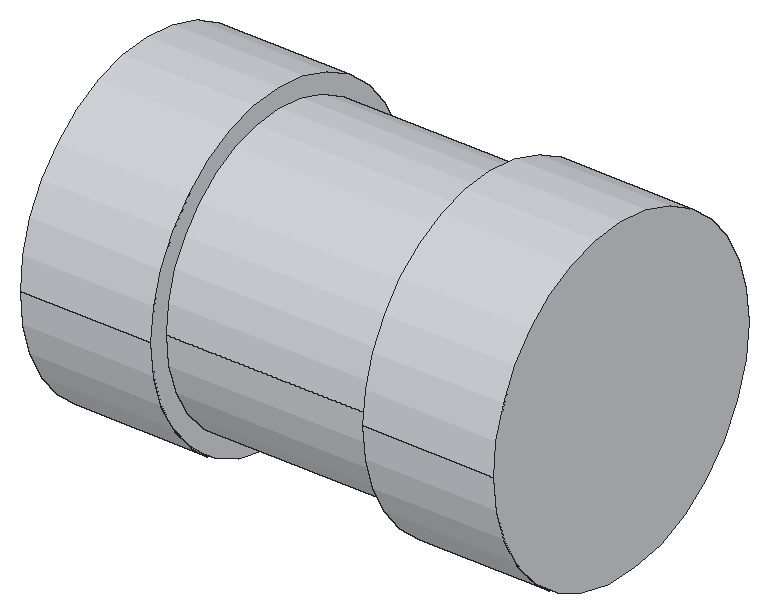
Revit family "753843a25efa4bd3b194d9f5f526ffd3", category Pipe Fittings, Revit 2021
Family settings
  Round Connector Dimension = Use Radius
  Part Type = Union
  OmniClass Number = 23.60.30.11.14
  OmniClass Title = Pipework Fittings
  Seek Item ID = Coupling with Bands - Threaded - MI - Class 300-0000-USA-ENU
  Work Plane-Based = No
  Always vertical = Yes
  Cut with Voids When Loaded = No
  Shared = No
Parameters (values of type "Standard")
  Tick Size [instance] = Fitting Outside Diameter * 0.4  # 0.32913"
  Loss Method = K Coefficient from Table
  Lookup Table Name = "Coupling with Bands - Threaded - MI - Class 300"
  Length [instance] = size_lookup(Lookup Table Name, "Lgt", 1.02 * Nominal Diameter + 1 81/256", Nominal Diameter)  # 1.38189"
  Nominal Radius [instance] = 1/8"
  Nominal Diameter [instance] = Nominal Radius * 2  # 1/4"
  Metal Thickness [instance] = size_lookup(Lookup Table Name, "MThk", 0.07 * Nominal Diameter + 31/256", Nominal Diameter)  # 0.14173"
  K Coefficient Table = "Reducer/Coupling/Union/Increaser"
  Fitting Outside Radius [instance] = Fitting Outside Diameter / 2  # 0.41142"
  Fitting Outside Diameter [instance] = Fitting Inside Diameter + Metal Thickness * 2  # 0.82283"
  Fitting Inside Diameter [instance] = size_lookup(Lookup Table Name, "FID", 1.04 * Nominal Diameter + 67/256", Nominal Diameter)  # 0.53937"
  Default Elevation = 0' - 0"
  Band Width [instance] = size_lookup(Lookup Table Name, "BWid", 0.22 * Nominal Diameter + 97/256", Nominal Diameter)  # 0.38189"
  Band Outside Radius [instance] = Band Outside Diameter / 2  # 0.46457"
  Band Outside Diameter [instance] = size_lookup(Lookup Table Name, "BOD", 1.29 * Nominal Diameter + 161/256", Nominal Diameter)  # 0.92913"
  Band Insulation Width [instance] = if((Band Width) * 2 > Length, Length / 2, Band Width)  # 0.38189"
Reference planes (in)
  plane 1 "Center (Front/Back)": y = 0
  plane 2: z = 0
  plane 3 "Center (Left/Right)": x = 0
  plane 4: x = -0.30906
  plane 5: x = 0.30906
  plane 6: x = -0.69094
  plane 7: x = 0.69094
  plane 8: x = -0.30906
  plane 9: x = 0.30906
Forms (in)
  Extrusion 1, solid, detail levels fine
    sketch origin (0, 0, 0) x (0, 1, 0) y (0, 0, 1)
      loop
        circle (0, 0) r 0.46457
    from -0.69094 to -0.30906
  Extrusion 2, solid, detail levels fine
    sketch origin (0, 0, 0) x (0, 1, 0) y (0, 0, 1)
      loop
        circle (0, 0) r 0.46457
    from 0.30906 to 0.69094
  Extrusion 3, solid, detail levels fine
    sketch origin (0, 0, 0) x (0, 1, 0) y (0, 0, 1)
      loop
        circle (0, 0) r 0.41142
    from -0.30906 to 0.30906
Cuts and joins
  joined: Extrusion 1, Extrusion 2, Extrusion 3
Lines and regions (in)
  model lines, detail levels coarse+medium
    curve 1: line (0.69094, 0, 0) -> (-0.69094, 0, 0)
    curve 2: line (-0.69094, 0.32913, 0) -> (-0.69094, -0.32913, 0)
    curve 3: line (0.69094, 0.32913, 0) -> (0.69094, -0.32913, 0)
Dimensions and locks (in)
  "Band Width": plane 6 to plane 4
  "Band Width": plane 5 to plane 7
  equal spacing: plane 6, plane 3 "Center (Left/Right)", plane 7
  "Length": plane 6 to plane 7
  equal spacing: curve 2, plane 1 "Center (Front/Back)", curve 2
  equal spacing: curve 3, plane 1 "Center (Front/Back)", curve 3
  "Band Insulation Width": plane 6 to plane 8
  "Band Insulation Width": plane 9 to plane 7
  "Tick Size": plane 1 "Center (Front/Back)" to curve 2
  "Tick Size": plane 1 "Center (Front/Back)" to curve 3
  "Band Outside Radius": radius of Extrusion 1 sketch curve
  "Band Outside Radius": radius of Extrusion 2 sketch curve
  "Fitting Outside Radius": radius of Extrusion 3 sketch curve
  aligned and locked: plane 2 to Extrusion 1 sketch curve
  aligned and locked: plane 1 "Center (Front/Back)" to Extrusion 1 sketch curve
  aligned and locked: Extrusion 1 to plane 6
  aligned and locked: plane 4 to Extrusion 1
  aligned and locked: plane 1 "Center (Front/Back)" to Extrusion 2 sketch curve
  aligned and locked: plane 2 to Extrusion 2 sketch curve
  aligned and locked: Extrusion 2 to plane 5
  aligned and locked: plane 7 to Extrusion 2
  aligned and locked: Extrusion 3 to plane 4
  aligned and locked: plane 5 to Extrusion 3
  aligned and locked: plane 7 to curve 1
  aligned and locked: curve 1 to plane 1 "Center (Front/Back)"
  aligned and locked: plane 6 to curve 1
  aligned and locked: curve 2 to plane 6
  aligned and locked: curve 3 to plane 7
Automatic sketch dimensions
  Extrusion 3 sketch curve to level = 0' - 0"
  Extrusion 3 sketch curve to plane 1 "Center (Front/Back)" = 0' - 0"
Connectors (in)
  piping at (-0.69094, 0, 0), diameter 0.25, driven by "Nominal Radius"
    settings: on cut or joined group of Extrusion 1, Extrusion 2, Extrusion 3, index 1, connector inside diameter 1/4", connector length 0' - 0", flow factor 0, pipe flow 0 GPM, pressure drop 0.00 psi, fitting loss kfactor 0, connector angle 0.00°, fixture units 0, engagement length 0' - 0", angle of deflection 0.00°, flow configuration 0, flow direction 0, fitting loss method 0, system type 28, joint type 0, gender type 0, connector reference index 2, connector utility 0, adjustable connector no, is connector primary yes, connector description ""
  piping at (0.69094, 0, 0), diameter 0.25, driven by "Nominal Radius"
    settings: on cut or joined group of Extrusion 1, Extrusion 2, Extrusion 3, index 2, connector inside diameter 1/4", connector length 0' - 0", flow factor 0, pipe flow 0 GPM, pressure drop 0.00 psi, fitting loss kfactor 0, connector angle 0.00°, fixture units 0, engagement length 0' - 0", angle of deflection 0.00°, flow configuration 0, flow direction 0, fitting loss method 0, system type 28, joint type 0, gender type 0, connector reference index 1, connector utility 0, adjustable connector no, is connector primary no, connector description ""
